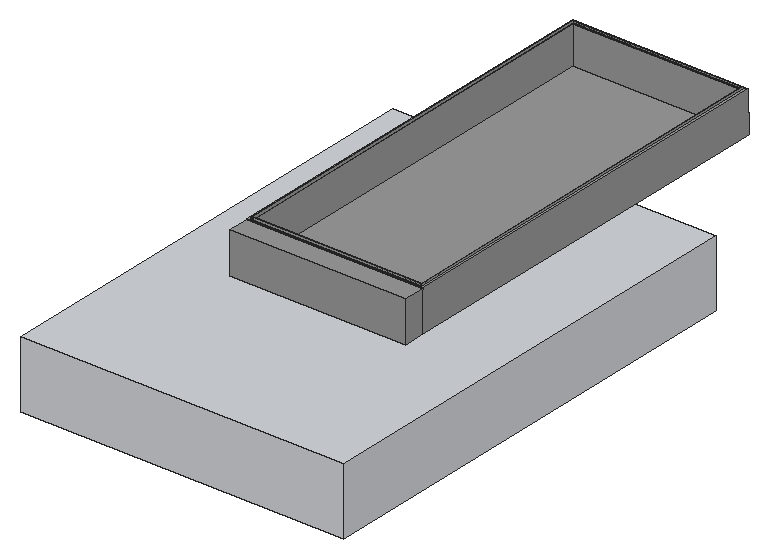
Revit family "Hager-Univers-IP30-D205-H1950-Cl.II-Encl-PL-pl", category Equipement électrique, Revit 2020
Family settings
  Hôte = Face
  Configuration du panneau = Deux colonnes, circuits au sein
  Cote de connecteur circulaire = Utiliser le diamètre
  Type d'élément = Tableau de raccordement
  Couper avec des vides une fois chargée = Non
  Partagée = Non
  Point de calcul de pièce = Non
Parameters (values of type "Montaż podłogowy IP30 S800 W1950 G205  - FP23S1N")
  Width Control [instance] = if([EF000008 - Szerokość] > Min Width, [EF000008 - Szerokość], Min Width)  # 800 mm
  Commentaires du type = [HG000003 - Zakres]  # "Univers"
  Thickness Door [instance] = if([EF009171 - Drzwi/pokrywa z materiału o wysokiej wytrzymałości mechanicznej] > 3 mm, 3 mm, [EF009171 - Drzwi/pokrywa z materiału o wysokiej wytrzymałości mechanicznej])  # 1 mm
  Seal Frame Offset [instance] = 17 mm  # constant formula
  Plinth Visibility [instance] = [HG000027 - Wysokość cokołu] > 0 mm  # yes
  Model = ""
  Min Width [instance] = 100 mm  # constant formula
  Min Height [instance] = 100 mm  # constant formula
  Min Depth [instance] = (2 * [EF009170 - Obudowa z materiału o wysokiej wytrzymałości mechanicznej]) + 1 mm  # 3 mm
  Internal Frame Depth [instance] = (Door System Depth * 0.5)  # 9 mm
  Height Control [instance] = if([EF000040 - Wysokość] > Min Height, [EF000040 - Wysokość], Min Height)  # 1950 mm
  HG000027 - Wysokość cokołu = 100 mm
  HG000026 - Stojąca = yes
  HG000024 - Wysokość części dolnej = 800 mm
  HG000023 - Obudowa dwusekcyjna = no
  HG000016 - Widoczność drzwi w widoku 3D [instance] = yes
  HG000015 - Przestrzeń robocza - otwarcie drzwi [instance] = no
  HG000014 - Drzwi prawe [instance] = yes
  HG000013 - Drzwi lewe [instance] = not([HG000014 - Drzwi prawe])  # no
  HG000012 - Kąt otwarcia drzwi [instance] = 30.00°
  HG000010 - Drzwi asymetryczne = no
  HG000009 - Drzwi dwuskrzydłowe = no
  HG000006 - Montaż podtynkowy = no
  HG000004 - Referencja producenta = "FP23S1N"
  HG000003 - Zakres = "Univers"
  HG000002 - Z drzwiami lub pokrywą = no
  Frame Offset Bottom [instance] = 10 mm  # constant formula
  Frame Offset [instance] = 15 mm  # constant formula
  EF015940 - Pokrywa z wyzwalaczem nadciśnieniowym = no
  EF011959 - Stopień ochrony (NEMA) = ""
  EF009554 - Liczba otworów pod flansze = 6
  Fabricant = "Hager"  # constant formula
  EF009212 - Wykonanie pokrywy = "EV009916 - Z otworem"
  EF009171 - Drzwi/pokrywa z materiału o wysokiej wytrzymałości mechanicznej = 1 mm
  EF009170 - Obudowa z materiału o wysokiej wytrzymałości mechanicznej = 1 mm
  EF008873 - Prąd znamionowy (In) = 400 A
  EF007800 - Do ochrony odgromowej = no
  EF006306 - Z zamkiem = no
  EF006244 - Transparentna pokrywa/drzwi = no
  EF005474 - Stopień ochrony (IP) = "EV006410 - IP30"
  EF004464 - Rodzaj drzwi = "EV000494 - Brak"
  EF004427 - Liczba modułów = 432
  EF004293 - Odporność udarowa = "EV006813 - IK07"
  EF003532 - Do zastosowań zewnętrznych = no
  EF002950 - Szerokość wyrażona liczbą modułów = 36
  EF001613 - Podtrzymanie funkcji = "EV000494 - Brak"
  EF001596 - Materiał obudowy = "EV000179 - Stal"
  EF001131 - Głębokość wewnętrzna = 130 mm
  EF001088 - Możliwość rozbudowy = yes
  EF000437 - Liczba wejść kablowych = 6
  EF000339 - Rodzaj pokrywy = "EV000494 - Brak"
  EF000266 - Liczba rzędów = 12
  EF000218 - Głębokość wbudowania = 0 mm
  EF000118 - Z płytą montażową = no
  EF000116 - Numer RAL = "9010"
  EF000049 - Głębokość = 205 mm
  EF000040 - Wysokość = 1950 mm
  EF000008 - Szerokość = 800 mm
  EF000007 - Kolor = "EV000202 - Biały"
  EF000003 - Sposób montażu = "EV012274 - Montaż podłogowy"
  Door System Leaf Tolerance [instance] = 1.5 mm  # constant formula
  Door System Depth [instance] = 18 mm  # constant formula
  Door Height [instance] = Height Control - [HG000027 - Wysokość cokołu]  # 1850 mm
  Depth Control [instance] = if([EF000049 - Głębokość] > Min Depth, [EF000049 - Głębokość], Min Depth)  # 205 mm
  Default Elevation = 0 mm
  Connector Offset [instance] = Height Control / 2  # 975 mm
  Bottom Top Plate Trim [instance] = 1.5 mm  # constant formula
  Plinth height Ctrl [instance] = if([HG000027 - Wysokość cokołu] > 0 mm, [HG000027 - Wysokość cokołu], 12 mm)  # 100 mm
Types (4, lengths in mm): name | Width Control | HG000004 - Referencja producenta | EF009554 - Liczba otworów pod flansze | EF008873 - Prąd znamionowy (In) | EF004427 - Liczba modułów | EF002950 - Szerokość wyrażona liczbą modułów | EF000437 - Liczba wejść kablowych | EF000008 - Szerokość
  Montaż podłogowy IP30 S1050 W1950 G205  - FP24S1N | 1050 | "FP24S1N" | 8 | 400 A | 576 | 48 | 8 | 1050
  Montaż podłogowy IP30 S300 W1950 G205  - FP21S1N | 300 | "FP21S1N" | 2 | 250 A | 144 | 12 | 2 | 300
  Montaż podłogowy IP30 S550 W1950 G205  - FP22S1N | 550 | "FP22S1N" | 4 | 400 A | 288 | 24 | 4 | 550
  Montaż podłogowy IP30 S800 W1950 G205  - FP23S1N | 800 | "FP23S1N" | 6 | 400 A | 432 | 36 | 6 | 800
Reference planes
  plane 1 "Center (Front/Back)": y = 0
  plane 2: z = 0
  plane 3 "Center (Left/Right)": x = 0
  plane 4: z = 205
  plane 5: y = 101
  plane 6: y = 1025
  plane 7: y = 100
  plane 8: y = 1950
  plane 9: z = 0
  plane 10: x = -385
  plane 11: x = 385
  plane 12: x = 384
  plane 13: x = -384
  plane 14: y = 1949
  plane 15: x = -383
  plane 16: x = -400
  plane 17: x = 383
  plane 18: x = 400
  plane 19: x = 399
  plane 20: x = -399
  plane 21: y = 111
  plane 22: y = 1950
  plane 23: y = 1934
  plane 24: z = 187
  plane 25: z = 1
  plane 26: z = 186
  plane 27: z = 204
Forms (mm)
  Extrusion 1, solid
    sketch origin (0, 0, 0) x (1, 0, 0) y (0, 1, 0)
      loop
        line (-702.964, 1305) -> (-702.964, -811.445) -> (766.763, -811.445) -> (766.763, 1305) -> (-702.964, 1305)
    from 0 to -304.8
  Extrusion 2, solid, material "Hager_Steel_RAL7035_Light_Grey", visible <- "Plinth Visibility", detail levels medium+fine
    sketch origin (0, 0, 0) x (1, 0, 0) y (0, 1, 0)
      loop
        line (-400, 0) -> (400, 0) -> (400, 100) -> (-400, 100) -> (-400, 0)
    from 0 to 187
  Extrusion 3, solid, material "Hager_Steel_RAL7035_Light_Grey", detail levels medium+fine
    sketch origin (0, 0, 0) x (1, 0, 0) y (0, 1, 0)
      loop
        line (-400, 100) -> (400, 100) -> (400, 1950) -> (-400, 1950) -> (-400, 100)
    from 0 to 187
  Extrusion 4, void
    sketch origin (0, 0, 0) x (1, 0, 0) y (0, 1, 0)
      loop
        line (-399, 101) -> (399, 101) -> (399, 1949) -> (-399, 1949) -> (-399, 101)
    from 1 to 186
  Extrusion 5, void
    sketch origin (-381.607, -4572, 187) x (0, -1, 0) y (-1, 0, 0)
      loop
        line (-4683, 2.393) -> (-6506, 2.393) -> (-6506, -765.607) -> (-4683, -765.607) -> (-4683, 2.393)
    from 0 to 1 <- "EF009170 - Obudowa z materiału o wysokiej wytrzymałości mechanicznej"
  Extrusion 6, solid, material "Hager_Steel_RAL7035_Light_Grey", detail levels fine
    sketch origin (0, 0, 187) x (1, 0, 0) y (0, 1, 0)
      loop
        line (-384, 1934) -> (-384, 111) -> (384, 111) -> (384, 1934) -> (-384, 1934)
      loop
        line (-385, 110) -> (385, 110) -> (385, 1935) -> (-385, 1935) -> (-385, 110)
    from 0 to 9 <- "Internal Frame Depth"
  Extrusion 7, solid, material "Hager_Steel_RAL7035_Light_Grey", detail levels coarse
    sketch origin (0, 0, 0) x (1, 0, 0) y (0, 1, 0)
      loop
        line (-400, 0) -> (400, 0) -> (400, 1950) -> (-400, 1950) -> (-400, 0)
    from 0 to 205
  Sweep 8, void
    path in 3D
      loop
        line (-400, 100, 0) -> (400, 100, 0) -> (400, 100, 187) -> (-400, 100, 187) -> (-400, 100, 0)
    profile origin (-400, 100, 93.5) x (-1, 0, 0) y (0, -1, 0)
      loop
        line (0, 0) -> (0, 1.5) -> (-1.5, 1.5)
        arc (-1.5, 1.5) -> (-1.061, 0.439) -> (0, 0) r 1.5
Cuts and joins
  Extrusion 4, Extrusion 5 cuts Extrusion 3
  Sweep 8 cuts Extrusion 2
Lines and regions (mm)
  Masking region 1
    outline origin (0, 0, 0) x (1, 0, 0) y (0, 0, 1)
      loop
        line (-400, 205) -> (-400, 0) -> (400, 0) -> (400, 205) -> (-400, 205)
  Masking region 2, detail levels medium+fine
    outline origin (0, 140, 0) x (0, 1, 0) y (0, 0, 1)
      loop
        line (-40, 0) -> (1810, 0) -> (1810, 187) -> (-40, 187) -> (-40, 0)
  Masking region 3, not visible, detail levels medium+fine
    outline origin (0, 297.922, 0) x (0, 1, 0) y (0, 0, 1)
      loop
        line (738.578, 0) -> (778.578, 0) -> (778.578, 194)
        arc (778.578, 194) -> (775.649, 201.071) -> (768.578, 204) r 10
        line (768.578, 204) -> (738.578, 204) -> (738.578, 0)
  Masking region 4, detail levels coarse
    outline origin (0, 0, 180) x (0, 1, 0) y (0, 0, 1)
      loop
        line (0, -180) -> (1950, -180) -> (1950, 25) -> (0, 25) -> (0, -180)
  Masking region 5, visible <- "Plinth Visibility", detail levels medium+fine
    outline origin (0, 52.24, 12.345) x (0, 0, -1) y (0, 1, 0)
      loop
        line (10.845, 47.76) -> (-173.155, 47.76)
        arc (-173.155, 47.76) -> (-173.594, 46.699) -> (-174.655, 46.26) r 1.5
        line (-174.655, 46.26) -> (-174.655, -52.24) -> (12.345, -52.24) -> (12.345, 46.26)
        arc (12.345, 46.26) -> (11.285, 46.699) -> (10.845, 47.76) r 1.5
  Masking region 6, detail levels medium+fine
    outline origin (-381.607, -4572, 187) x (-1, 0, 0) y (0, -1, 0)
      loop
        line (18.393, -6522) -> (18.393, -4672) -> (-781.607, -4672) -> (-781.607, -6522) -> (18.393, -6522)
  Masking region 7, visible <- "Plinth Visibility", detail levels medium+fine
    outline origin (-381.607, -4727, 187) x (-1, 0, 0) y (0, -1, 0)
      loop
        arc (16.893, -4827) -> (17.332, -4825.939) -> (18.393, -4825.5) r 1.5
        line (18.393, -4825.5) -> (18.393, -4727) -> (-781.607, -4727) -> (-781.607, -4825.5)
        arc (-781.607, -4825.5) -> (-780.546, -4825.939) -> (-780.107, -4827) r 1.5
        line (-780.107, -4827) -> (16.893, -4827)
  Masking region 8, detail levels coarse
    outline origin (-442.548, -4669.526, 187) x (-1, 0, 0) y (0, -1, 0)
      loop
        line (-42.548, -6619.526) -> (-42.548, -4669.526) -> (-842.548, -4669.526) -> (-842.548, -6619.526) -> (-42.548, -6619.526)
  sketch lines
    curve 1: line (-400, 100, 187) -> (-400, 100, 0)
    curve 2: line (400, 100, 187) -> (-400, 100, 187)
    curve 3: line (400, 100, 187) -> (400, 100, 0)
    curve 4: line (-400, 100, 0) -> (400, 100, 0)
Dimensions and locks
  "Depth Control": plane 4 to Extrusion 1
  "HG000027 - Wysokość cokołu": plane 1 "Center (Front/Back)" to plane 7
  "EF009170 - Obudowa z materiału o wysokiej wytrzymałości mechanicznej": plane 5 to plane 7
  locked: connector elem to plane 3 "Center (Left/Right)"
  equal spacing: plane 8, plane 6, plane 7
  locked: connector elem to plane 6
  "EF009170 - Obudowa z materiału o wysokiej wytrzymałości mechanicznej": plane 8 to plane 14
  "EF009170 - Obudowa z materiału o wysokiej wytrzymałości mechanicznej": plane 10 to plane 13
  "EF009170 - Obudowa z materiału o wysokiej wytrzymałości mechanicznej": plane 12 to plane 11
  "Frame Offset": plane 20 to plane 13
  "Frame Offset": plane 12 to plane 19
  "EF009170 - Obudowa z materiału o wysokiej wytrzymałości mechanicznej": plane 16 to plane 20
  "EF009170 - Obudowa z materiału o wysokiej wytrzymałości mechanicznej": plane 19 to plane 18
  "Seal Frame Offset": plane 16 to plane 15
  "Seal Frame Offset": plane 17 to plane 18
  "Frame Offset Bottom": plane 21 to plane 5
  "Frame Offset": plane 14 to plane 23
  equal spacing: plane 16, plane 3 "Center (Left/Right)", plane 18
  "Width Control": plane 16 to plane 18
  "EF009170 - Obudowa z materiału o wysokiej wytrzymałości mechanicznej": plane 4 to plane 27
  "EF009170 - Obudowa z materiału o wysokiej wytrzymałości mechanicznej": plane 24 to plane 26
  "EF009170 - Obudowa z materiału o wysokiej wytrzymałości mechanicznej": plane 25 to level
  "Door System Depth": plane 4 to plane 24
  "Height Control": plane 1 "Center (Front/Back)" to Extrusion 7 sketch curve
  "Height Control": Masking region 4 sketch curve to plane 1 "Center (Front/Back)"
  "Height Control": plane 1 "Center (Front/Back)" to plane 22
  "Bottom Top Plate Trim": profile plane to Sweep 8 sketch curve
  "Bottom Top Plate Trim": Sweep 8 sketch curve to profile plane
  "Plinth height Ctrl": plane 1 "Center (Front/Back)" to Extrusion 2 sketch curve
  "Plinth height Ctrl": Masking region 5 sketch curve to plane 1 "Center (Front/Back)"
  "Plinth height Ctrl": plane 1 "Center (Front/Back)" to Masking region 7 sketch curve
  "Thickness Door": Extrusion 6 sketch curve to Extrusion 6 sketch curve  (x3)
  "Thickness Door": cut or joined group of Extrusion 3, Extrusion 4, Extrusion 5 to Extrusion 6 sketch curve
  radius of Masking region 3 sketch curve = 10 mm
  "Bottom Top Plate Trim": radius of Masking region 5 sketch curve  (x2)
  "Bottom Top Plate Trim": radius of Sweep 8 sketch curve
  "Bottom Top Plate Trim": radius of Masking region 7 sketch curve  (x2)
  aligned and locked: plane 2 to Extrusion 1
  aligned and locked: level to Extrusion 1
  aligned and locked: level to Masking region 1 sketch curve
  aligned and locked: Masking region 1 sketch curve to plane 18
  aligned and locked: Masking region 1 sketch curve to plane 16
  aligned and locked: plane 7 to Masking region 2 sketch curve
  aligned and locked: level to Masking region 3 sketch curve
  aligned and locked: Masking region 3 sketch curve to plane 27
  aligned and locked: level to Masking region 2 sketch curve
  aligned and locked: plane 1 "Center (Front/Back)" to Extrusion 2 sketch curve
  aligned and locked: Extrusion 3 sketch curve to plane 7
  aligned and locked: plane 16 to Extrusion 3 sketch curve
  aligned and locked: plane 18 to Extrusion 3 sketch curve
  aligned and locked: plane 20 to Extrusion 4 sketch curve
  aligned and locked: plane 19 to Extrusion 4 sketch curve
  aligned and locked: Extrusion 4 sketch curve to plane 5
  aligned and locked: Extrusion 4 to plane 25
  aligned and locked: plane 26 to Extrusion 4
  aligned and locked: plane 24 to Extrusion 3
  aligned and locked: Extrusion 5 sketch curve to plane 21
  aligned and locked: Extrusion 5 sketch curve to plane 13
  aligned and locked: Extrusion 5 sketch curve to plane 12
  aligned and locked: plane 18 to Extrusion 7 sketch curve
  aligned and locked: plane 1 "Center (Front/Back)" to Extrusion 7 sketch curve
  aligned and locked: plane 16 to Extrusion 7 sketch curve
  aligned and locked: plane 4 to Extrusion 7
  aligned and locked: Extrusion 7 to level
  aligned and locked: level to Masking region 4 sketch curve
  aligned and locked: Masking region 4 sketch curve to plane 1 "Center (Front/Back)"
  aligned and locked: Masking region 4 sketch curve to plane 4
  aligned and locked: nested 1 to level
  aligned and locked: nested 1 to plane 16
  aligned and locked: plane 8 to Extrusion 3 sketch curve
  aligned and locked: plane 23 to Extrusion 5 sketch curve
  aligned and locked: plane 14 to Extrusion 4 sketch curve
  aligned and locked: Masking region 2 sketch curve to plane 8
  aligned and locked: level to Masking region 5 sketch curve
  aligned and locked: plane 16 to Extrusion 2 sketch curve
  aligned and locked: plane 18 to Extrusion 2 sketch curve
  aligned and locked: Masking region 5 sketch curve to plane 24
  aligned and locked: Masking region 2 sketch curve to plane 24
  aligned and locked: plane 24 to Extrusion 2
  aligned and locked: profile plane to Sweep 8 sketch curve  (x2)
  aligned and locked: Masking region 6 sketch curve to plane 18
  aligned and locked: Masking region 6 sketch curve to plane 22
  aligned and locked: Masking region 6 sketch curve to plane 16
  aligned and locked: plane 8 to plane 22
  aligned and locked: Masking region 6 sketch curve to plane 7
  aligned and locked: Masking region 7 sketch curve to plane 16
  aligned and locked: Masking region 7 sketch curve to plane 1 "Center (Front/Back)"
  aligned and locked: Masking region 7 sketch curve to plane 18
  aligned and locked: Masking region 8 sketch curve to plane 1 "Center (Front/Back)"
  aligned and locked: Masking region 8 sketch curve to plane 18
  aligned and locked: Masking region 8 sketch curve to plane 22
  aligned and locked: Masking region 8 sketch curve to plane 16
  aligned and locked: nested 2 to plane 7
  aligned and locked: plane 3 "Center (Left/Right)" to nested 2
  aligned and locked: nested 2 to plane 24
  aligned and locked: Extrusion 6 sketch curve to cut or joined group of Extrusion 3, Extrusion 4, Extrusion 5  (x4)
Automatic sketch dimensions
  Extrusion 1 sketch curve to Extrusion 1 sketch curve = 1469.727 mm
  Extrusion 1 sketch curve to Extrusion 1 sketch curve = 2116.445 mm
  Masking region 1 sketch curve to plane 4 = 0 mm
  plane 6 to Masking region 3 sketch curve = 11.5 mm
  Masking region 3 sketch curve to Masking region 3 sketch curve = 30 mm
  Masking region 5 sketch curve to plane 1 "Center (Front/Back)" = 0 mm
Nested families
  nested 1: "Hager_Enclosure_Symbol" at (-400, 0, 0) x (1, 0, 0) z (0, -1, 0), Height <- "Depth Control", Width <- "Width Control", type "Hager_Enclosure_Symbol"
    with Width_Ctrl 800 mm, Width 800 mm, Height_Ctrl 205 mm, Height 205 mm, A_Width_Int 13.453 mm, A_Width 161.438 mm, A_Height_Ctrl 179.375 mm, A_Height 179.375 mm
  nested 2: "EC000058_Univers_Door" at (0, 100, 187) x (1, 0, 0) z (0, 1, 0), Leaf_Tolerance <- "Door System Leaf Tolerance", Angle <- "HG000012 - Kąt otwarcia drzwi", Door_Depth <- "Door System Depth", Door_Left <- "HG000013 - Drzwi lewe", Transparent <- "EF006244 - Transparentna pokrywa/drzwi", Assymetrical <- "HG000010 - Drzwi asymetryczne", Width <- "Width Control", Clearance <- "HG000015 - Przestrzeń robocza - otwarcie drzwi", Double <- "HG000009 - Drzwi dwuskrzydłowe", 3d_Door <- "HG000016 - Widoczność drzwi w widoku 3D", Lock_Visibility <- "EF006306 - Z zamkiem", Width_Ctrl <- "Width Control", Door_Right <- "HG000014 - Drzwi prawe", Door <- "HG000002 - Z drzwiami lub pokrywą", Height <- "Door Height", Thickness <- "Thickness Door", type "EC000058_Univers_Door", detail levels medium+fine
    with min_wh 3 mm, Width_Ctrl 800 mm, Width 800 mm, Transparent no, Thickness 1 mm, Seal_Material Hager_Rubber, Lock_Visibility no, Lock_Material Hager_Plastic_RAL9005_Jet_Black, Leaf_Width 800 mm, Leaf_Tolerance_External_Sides 0 mm, Leaf_Tolerance 1.5 mm, Leaf_Offset 0 mm, Leaf_Height 1847 mm, Leaf_2_Width 800 mm, Leaf_2_Offset 400 mm, Leaf_1_Width 800 mm, Leaf_1_Offset 400 mm, Height_Ctrl 1850 mm, Height 1850 mm, Glass_Material Hager_Glass, Double_Clearance_Ctrl no, Double no, Door_Right_Ctrl no, Door_Right yes, Door_Material Hager_Steel_RAL7035_Light_Grey, Door_Left_Ctrl no, Door_Left no, Door_Depth 18 mm, Door no, Clearance_Material Hager_Clearance, Clearance_Depth 800 mm, Clearance_Ctrl no, Clearance no, Assymetrical no, Angle 30.00°, 3d_Door yes
Connectors
  electrical at (0, 1025, 0)
    settings: on plane 9, index 1, voltage 0 V, apparent load 0 VA, apparent load phase1 0 VA, apparent load phase2 0 VA, apparent load phase3 0 VA, power factor 1, load classification "Other", number of poles 1, system type 30, power factor state 1, is connector primary yes, connector utility no, sub classification motor no, connector description ""
Definition of nested family "Hager_Enclosure_Symbol"
  Parameters (values of type "Hager_Enclosure_Symbol")
    Width_Ctrl [instance] = if(Width > 1 mm, Width, 1 mm)  # 102.27 mm
    Width [instance] = 102.27 mm
    Height_Ctrl [instance] = if(Height > 1 mm, Height, 1 mm)  # 66.5 mm
    A_Width_Int [instance] = if(A_Width / 12 > 2 mm, A_Width / 12, 2 mm)  # 4.364 mm
    A_Width [instance] = if(A_Height_Ctrl * 0.9 > 2 mm, A_Height_Ctrl * 0.9, 2 mm)  # 52.369 mm
    A_Height_Ctrl [instance] = if(A_Height > 2 mm, A_Height, 2 mm)  # 58.188 mm
    Height [instance] = 66.5 mm
    A_Height [instance] = Height - (Height / 8)  # 58.188 mm
  Reference planes
    plane 1 "Centre (avant/arrière)": y = 0
    plane 2: z = 0
    plane 3 "Centre (gauche/droite)": x = 0
    plane 4: x = 52.369
    plane 5: y = 33.042
    plane 6: y = 41.77
    plane 7: y = 66.5
    plane 8: x = 26.184
    plane 9: y = 37.406
    plane 10: x = 102.27
    plane 11: y = 66.5
    plane 12: y = 8.313
  Lines and regions (mm)
    Filled region 1, type "Solid_Black", in view "Niveau de réf."
      outline origin (0, 0, 0) x (1, 0, 0) y (0, 1, 0)
        loop
          line (52.369, 66.5) -> (33.188, 54.536) -> (45.365, 45.006) -> (52.369, 66.5)
    Filled region 2, type "Solid_Black", in view "Niveau de réf."
      outline origin (0, 0, 0) x (1, 0, 0) y (0, 1, 0)
        loop
          line (0, 0) -> (102.27, 0) -> (102.27, 66.5) -> (0, 0)
    detail lines, in view "Niveau de réf."
      curve 1: line (0, 8.313, 0) -> (26.184, 41.77, 0)
      curve 2: line (26.184, 41.77, 0) -> (26.184, 33.042, 0)
      curve 3: line (26.184, 33.042, 0) -> (52.369, 66.5, 0)
  Dimensions and locks
    "A_Width": plane 3 "Centre (gauche/droite)" to plane 4
    equal spacing: plane 3 "Centre (gauche/droite)", plane 8, plane 4
    equal spacing: plane 6, plane 9, plane 5
    equal spacing: curve 3, Filled region 1 sketch curve, Filled region 1 sketch curve
    "Height_Ctrl": plane 1 "Centre (avant/arrière)" to plane 11
    "A_Height_Ctrl": plane 11 to plane 12
    equal spacing: plane 11, plane 9, plane 12
    "A_Width_Int": plane 6 to plane 9
    "Width_Ctrl": plane 3 "Centre (gauche/droite)" to plane 10
    angle Filled region 1 sketch curve to curve 3 = 20.00°
    angle curve 3 to Filled region 1 sketch curve = 20.00°
    locked: curve 3 to Filled region 1 sketch curve (angle 90.00°)
    aligned and locked: plane 10 to Filled region 2
    aligned and locked: plane 11 to Filled region 2 sketch curve
    aligned and locked: plane 10 to Filled region 2 sketch curve
    aligned and locked: plane 3 "Centre (gauche/droite)" to curve 1
    aligned and locked: plane 12 to curve 1
    aligned and locked: plane 7 to plane 11
  Automatic sketch dimensions
    Filled region 1 sketch curve to plane 4 = 0 mm
    Filled region 1 sketch curve to plane 7 = 0 mm
    plane 1 "Centre (avant/arrière)" to Filled region 2 sketch curve = 0 mm
    Filled region 2 sketch curve to plane 3 "Centre (gauche/droite)" = 0 mm
    curve 2 to plane 6 = 0 mm
    curve 2 to plane 8 = 0 mm
    curve 3 to plane 4 = 0 mm
    curve 2 to plane 5 = 0 mm
    curve 3 to plane 7 = 0 mm
Definition of nested family "EC000058_Univers_Door"
  Parameters (values of type "EC000058_Univers_Door")
    min_wh [instance] = (2 * Thickness) + 1 mm  # 11 mm
    Width_Ctrl [instance] = 400 mm
    Width [instance] = 500 mm
    Transparent [instance] = yes
    Thickness [instance] = 5 mm
    Seal_Material [instance] = none
    Lock_Visibility [instance] = yes
    Lock_Material [instance] = none
    Leaf_Width [instance] = if((Width_Ctrl - 2 * Leaf_Tolerance_External_Sides) > 0 mm, (Width_Ctrl - 2 * Leaf_Tolerance_External_Sides), min_wh)  # 400 mm
    Leaf_Tolerance_External_Sides [instance] = 0 mm  # constant formula
    Leaf_Tolerance [instance] = 1.5 mm
    Leaf_Offset [instance] = 0 mm  # constant formula
    Leaf_Height [instance] = if((Height_Ctrl - 2 * Leaf_Tolerance) > 0 mm, (Height_Ctrl - 2 * Leaf_Tolerance), min_wh)  # 497 mm
    Leaf_2_Width [instance] = if(and(and(Double, Assymetrical), Door_Left), (Leaf_Width / 3) - (Leaf_Tolerance / 2), if(and(and(Double, Assymetrical), Door_Right), (Leaf_Width / 3) * 2 - (Leaf_Tolerance / 2), if(and(Double, not(Assymetrical)), (Leaf_Width / 2) - Leaf_Tolerance, Leaf_Width)))  # 400 mm
    Leaf_2_Offset [instance] = if(and(Double, Assymetrical), Leaf_2_Width / 2, if(and(Double, not(Assymetrical)), Leaf_Width / 4, Leaf_Width / 2))  # 200 mm
    Leaf_1_Width [instance] = if(and(and(Double, Assymetrical), Door_Right), (Leaf_Width / 3) - (Leaf_Tolerance / 2), if(and(and(Double, Assymetrical), Door_Left), (Width / 3) * 2 - (Leaf_Tolerance / 2), if(and(Double, not(Assymetrical)), (Leaf_Width / 2) - Leaf_Tolerance, Leaf_Width)))  # 400 mm
    Leaf_1_Offset [instance] = if(and(Double, Assymetrical), Leaf_1_Width / 2, if(and(Double, not(Assymetrical)), Leaf_Width / 4, Leaf_Width / 2))  # 200 mm
    Height_Ctrl [instance] = if(Height > min_wh, Height, min_wh)  # 500 mm
    Height [instance] = 500 mm
    Glass_Material [instance] = none
    Double_Clearance_Ctrl [instance] = and(Double, Clearance)  # no
    Double [instance] = no
    Door_Right_Ctrl [instance] = and(or(Door_Right, Double), Door)  # yes
    Door_Right [instance] = yes
    Door_Material [instance] = none
    Door_Left_Ctrl [instance] = and(or(Door_Left, Double), Door)  # no
    Door_Left [instance] = no
    Door_Depth [instance] = 30 mm
    Door [instance] = yes
    Default Elevation = 1219.2 mm
    Clearance_Material [instance] = none
    Clearance_Depth [instance] = if(Leaf_1_Width > Leaf_2_Width, Leaf_1_Width, Leaf_2_Width)  # 400 mm
    Clearance_Ctrl [instance] = and(not(Double), Clearance)  # yes
    Clearance [instance] = yes
    Assymetrical [instance] = yes
    Angle [instance] = 30.00°
    3d_Door [instance] = yes
  Reference planes
    plane 1 "Center (Front/Back)": y = 0
    plane 2 "Bottom": z = 0
    plane 3 "Center (Left/Right)": x = 0
    plane 4: z = 500
    plane 5: x = -200
    plane 6: x = 200
    plane 7: z = 500
    plane 8: x = -200
    plane 9: z = 0
    plane 10: x = 200
    plane 11: y = 0
    plane 12: z = 1.5
    plane 13: x = -600
    plane 14: y = -400
    plane 15: x = 600
    plane 16: x = 0
    plane 17: x = 0
    plane 18: x = -200
    plane 19: x = 200
    plane 20: z = 498.5
  Forms (mm)
    Extrusion 1, solid, material <- "Clearance_Material", visible <- "Double_Clearance_Ctrl"
      sketch origin (1200, 0, 0) x (1, 0, 0) y (0, 0, -1)
        loop
          line (-1800, -498.5) -> (-600, -498.5) -> (-600, 0) -> (-1800, 0) -> (-1800, -498.5)
      from 0 to -400
  Dimensions and locks
    equal spacing: plane 5, plane 3 "Center (Left/Right)", plane 6
    "Width_Ctrl": plane 5 to plane 6
    "Leaf_Offset": plane 5 to plane 8
    "Leaf_Offset": plane 6 to plane 10
    "Leaf_Offset": plane 9 to level
    "Leaf_Offset": plane 4 to plane 7
    "Height_Ctrl": plane 4 to level
    "Leaf_Tolerance": plane 12 to plane 9
    locked: plane 11 to plane 1 "Center (Front/Back)"
    "Leaf_1_Offset": plane 18 to plane 16
    "Leaf_2_Offset": plane 17 to plane 19
    "Leaf_1_Width": plane 13 to plane 8
    "Leaf_2_Width": plane 10 to plane 15
    "Clearance_Depth": plane 14 to plane 1 "Center (Front/Back)"
    "Leaf_Tolerance_External_Sides": plane 8 to plane 18
    "Leaf_Tolerance_External_Sides": plane 19 to plane 10
    "Leaf_Tolerance": plane 7 to plane 20
    aligned and locked: level to plane 2 "Bottom"
    aligned and locked: nested 1 to plane 16
    aligned and locked: nested 2 to plane 17
    aligned and locked: Extrusion 1 to plane 13
    aligned and locked: plane 15 to Extrusion 1
    aligned and locked: Extrusion 1 to plane 14
    aligned and locked: plane 12 to nested 1
    aligned and locked: nested 2 to plane 12
    aligned and locked: Extrusion 1 to plane 11
    aligned and locked: plane 20 to Extrusion 1
    aligned and locked: nested 2 to plane 11
    aligned and locked: nested 1 to plane 11
  Automatic sketch dimensions
    Extrusion 1 sketch curve to level = 0 mm
    plane 5 to Extrusion 1 sketch curve = 400 mm
    plane 6 to Extrusion 1 sketch curve = 400 mm
    Extrusion 1 sketch curve to plane 4 = 1.5 mm
  Nested families
    nested 1: "EC000058_Univers_Door_Leaf" at (0, 0, 1.5), Width <- "Leaf_1_Width", visible <- "Door_Left_Ctrl", Leaf_Height <- "Leaf_Height", Angle <- "Angle", 3d_Door <- "3d_Door", Transparent <- "Transparent", Clearance Material <- "Clearance_Material", Clearance <- "Clearance_Ctrl", Door_Material <- "Door_Material", Glass_Material <- "Glass_Material", Door_Depth <- "Door_Depth", Lock_Material <- "Lock_Material", Seal_Material <- "Seal_Material", Lock_Visibility <- "Lock_Visibility", Thickness <- "Thickness", type "EC000058_Univers_Door_Leaf"
      with Width 400 mm, Transparent_Glass_Offset 30 mm, Transparent_Ctrl yes, Transparent yes, Thickness 5 mm, Standard no, Seal_Material none, Seal_D2 8 mm, Seal_D1 1 mm, Offset_Internal_Frame 10 mm, Lock_Width 20 mm, Lock_Visibility_3d yes, Lock_Visibility yes, Lock_Thickness_3 3 mm, Lock_Thickness_2 1 mm, Lock_Thickness_1 3 mm, Lock_Radius_Offset_2 16 mm, Lock_Radius_Offset_1 15 mm, Lock_Radius_2 5 mm, Lock_Radius 6 mm, Lock_Offset 5 mm, Lock_Material none, Lock_Height 80 mm, Lock_Cover_Top_Offset_2d 17 mm, Lock_Cover_Height -65 mm, Leaf_Height 497 mm, Internal_Seal_Thickness 8 mm, Internal_Seal_Depth_2 4.5 mm, Internal_Frame_Depth 25 mm, Glass_Thickness -1 mm, Glass_Offset -2 mm, Glass_Material none, Door_Material none, Door_Depth 30 mm, Clearance Material none, Clearance yes, Angle_Ctrl 30.00°, Angle 30.00°, 3d_Door yes
    nested 2: "EC000058_Univers_Door_Leaf" at (0, 0, 1.5) x (-1, 0, 0) z (0, 0, 1), Width <- "Leaf_2_Width", visible <- "Door_Right_Ctrl", Leaf_Height <- "Leaf_Height", Angle <- "Angle", 3d_Door <- "3d_Door", Transparent <- "Transparent", Clearance Material <- "Clearance_Material", Clearance <- "Clearance_Ctrl", Door_Material <- "Door_Material", Glass_Material <- "Glass_Material", Door_Depth <- "Door_Depth", Lock_Material <- "Lock_Material", Seal_Material <- "Seal_Material", Lock_Visibility <- "Lock_Visibility", Thickness <- "Thickness", type "EC000058_Univers_Door_Leaf"
      with Width 400 mm, Transparent_Glass_Offset 30 mm, Transparent_Ctrl yes, Transparent yes, Thickness 5 mm, Standard no, Seal_Material none, Seal_D2 8 mm, Seal_D1 1 mm, Offset_Internal_Frame 10 mm, Lock_Width 20 mm, Lock_Visibility_3d yes, Lock_Visibility yes, Lock_Thickness_3 3 mm, Lock_Thickness_2 1 mm, Lock_Thickness_1 3 mm, Lock_Radius_Offset_2 16 mm, Lock_Radius_Offset_1 15 mm, Lock_Radius_2 5 mm, Lock_Radius 6 mm, Lock_Offset 5 mm, Lock_Material none, Lock_Height 80 mm, Lock_Cover_Top_Offset_2d 17 mm, Lock_Cover_Height -65 mm, Leaf_Height 497 mm, Internal_Seal_Thickness 8 mm, Internal_Seal_Depth_2 4.5 mm, Internal_Frame_Depth 25 mm, Glass_Thickness -1 mm, Glass_Offset -2 mm, Glass_Material none, Door_Material none, Door_Depth 30 mm, Clearance Material none, Clearance yes, Angle_Ctrl 30.00°, Angle 30.00°, 3d_Door yes
  Definition of nested family "EC000058_Univers_Door_Leaf"
    Parameters (values of type "EC000058_Univers_Door_Leaf")
      Width [instance] = 2000 mm
      Transparent_Glass_Offset [instance] = 30 mm
      Transparent_Ctrl [instance] = and(Transparent, [3d_Door])  # yes
      Transparent [instance] = yes
      Thickness [instance] = 5 mm
      Standard [instance] = and(not(Transparent), [3d_Door])  # no
      Seal_Material [instance] = none
      Seal_D2 [instance] = 8 mm  # constant formula
      Seal_D1 [instance] = 1 mm  # constant formula
      Offset_Internal_Frame [instance] = 10 mm  # constant formula
      Lock_Width [instance] = 20 mm  # constant formula
      Lock_Visibility_3d [instance] = and(Lock_Visibility, [3d_Door])  # yes
      Lock_Visibility [instance] = yes
      Lock_Thickness_3 [instance] = 3 mm  # constant formula
      Lock_Thickness_2 [instance] = 1 mm  # constant formula
      Lock_Thickness_1 [instance] = 3 mm  # constant formula
      Lock_Radius_Offset_2 [instance] = Lock_Radius_Offset_1 + 1 mm  # 16 mm
      Lock_Radius_Offset_1 [instance] = 15 mm  # constant formula
      Lock_Radius_2 [instance] = Lock_Radius - 1 mm  # 5 mm
      Lock_Radius [instance] = 6 mm  # constant formula
      Lock_Offset [instance] = 5 mm  # constant formula
      Lock_Material [instance] = none
      Lock_Height [instance] = 80 mm  # constant formula
      Lock_Cover_Top_Offset_2d [instance] = Lock_Radius_Offset_2 + 1 mm  # 17 mm
      Lock_Cover_Height [instance] = -(Lock_Height - Lock_Radius_Offset_1)  # -65 mm
      Leaf_Height [instance] = 2720.336 mm
      Internal_Seal_Thickness [instance] = 8 mm  # constant formula
      Internal_Seal_Depth_2 [instance] = 4.5 mm  # constant formula
      Internal_Frame_Depth [instance] = if(Door_Depth - Thickness > 5 mm, Door_Depth - Thickness, 5 mm)  # 25 mm
      Glass_Thickness [instance] = if(Thickness > 15 mm, Glass_Offset + 10 mm, -1 mm)  # -1 mm
      Glass_Offset [instance] = if(Thickness > 15 mm, -(Thickness + 10 mm) / 2, -2 mm)  # -2 mm
      Glass_Material [instance] = none
      Door_Material [instance] = none
      Door_Depth [instance] = 30 mm
      Default Elevation = 0 mm
      Clearance Material [instance] = none
      Clearance [instance] = yes
      Angle_Ctrl [instance] = if(Angle > 180.00°, 180.00°, Angle)  # 90.00°
      Angle [instance] = 90.00°
      3d_Door [instance] = yes
    Reference planes
      plane 1 "Center (Front/Back)": y = 0
      plane 2: z = 0
      plane 3 "Center (Left/Right)": x = 0
      plane 4: y = 2000
      plane 5: x = -1000
      plane 6: x = 1000
      plane 7: x = -3000
      plane 8: z = 2720.336
      plane 9: z = 30
      plane 10: z = 2690.336
      plane 11: x = 970
      plane 12: x = -970
      plane 13: y = -3
      plane 14: z = 107.833
      plane 15: y = -5
      plane 16: y = -223.314
      plane 17: x = -1000
      plane 18: z = 1360.168
      plane 19: y = 30
    Forms (mm)
      Extrusion 1, solid, material <- "Clearance Material", visible <- "Clearance"
        sketch origin (0, 0, 0) x (1, 0, 0) y (0, 0, 1)
          loop
            line (-3000, 2720.336) -> (-3000, 0) -> (1000, 0) -> (1000, 2720.336) -> (-3000, 2720.336)
        from 0 to -2000
      Extrusion 2, solid, material <- "Door_Material", visible <- "Standard", detail levels medium+fine
        sketch origin (-1000, 0, 0) x (0, 1, 0) y (-1, 0, 0)
          loop
            line (0, 30) -> (0, 25) -> (2000, 25) -> (2000, 30) -> (0, 30)
        from 0 to 2720.336 <- "Leaf_Height"
      Extrusion 3, solid, material <- "Door_Material", visible <- "Transparent_Ctrl", detail levels medium+fine
        sketch origin (-1000, 0, 0) x (0, 1, 0) y (-1, 0, 0)
          loop
            line (0, 25) -> (2000, 25) -> (2000, 30) -> (0, 30) -> (0, 25)
        from 0 to 2720.336 <- "Leaf_Height"
      Extrusion 4, void
        sketch origin (-1025, 2000, 0) x (0, 1, 0) y (0, 0, -1)
          loop
            line (-30, -2690.336) -> (-30, -30) -> (-1970, -30) -> (-1970, -2690.336) -> (-30, -2690.336)
        from 0 to 5 <- "Thickness"
      Sweep 5, solid, material <- "Seal_Material", visible <- "Transparent_Ctrl", detail levels fine
        path in 3D
          loop
            line (-1025, 30, 30) -> (-1025, 30, 2690.336) -> (-1025, 1970, 2690.336) -> (-1025, 1970, 30) -> (-1025, 30, 30)
        profile origin (-1025, 1000, 30) x (1, 0, 0) y (0, 0, 1)
          loop
            line (0, 0) -> (0, -8) -> (1, -8) -> (1, 0) -> (0, 0)
      Extrusion 6, solid, material <- "Glass_Material", visible <- "Transparent_Ctrl", detail levels medium+fine
        sketch origin (-1030, 0, 0) x (0, 1, 0) y (0, 0, -1)
          loop
            line (1970, -2690.336) -> (1970, -30) -> (30, -30) -> (30, -2690.336) -> (1970, -2690.336)
        from -2 <- "Glass_Offset" to -1 <- "Glass_Thickness"
      Extrusion 7, solid, material <- "Door_Material", visible <- "3d_Door", detail levels medium+fine
        sketch origin (-1025, 2000, 0) x (0, -1, 0) y (0, 0, -1)
          loop
            line (0, -2720.336) -> (2000, -2720.336) -> (2000, 0) -> (0, 0) -> (0, -2720.336)
          loop
            line (1995, -5) -> (5, -5) -> (5, -2715.336) -> (1995, -2715.336) -> (1995, -5)
        from 0 to 25 <- "Internal_Frame_Depth"
      Sweep 8, solid, material <- "Seal_Material", visible <- "Transparent_Ctrl", detail levels fine
        path in 3D
          loop
            line (-1025, 0, 0) -> (-1025, 2000, 0) -> (-1025, 2000, 2720.336) -> (-1025, 0, 2720.336) -> (-1025, 0, 0)
        profile origin (-1025, 0, 1360.168) x (1, 0, 0) y (0, 1, 0)
          loop
            line (0, 10) -> (2.975, 10)
            arc (2.975, 10) -> (4.053, 10.447) -> (4.5, 11.525) r 1.525
            line (4.5, 11.525) -> (4.5, 16.527)
            arc (4.5, 16.527) -> (4.069, 17.569) -> (3.027, 18) r 1.473
            line (3.027, 18) -> (0, 18) -> (0, 10)
      Extrusion 9, solid, material <- "Lock_Material", visible <- "Lock_Visibility_3d", detail levels fine
        sketch origin (-1030, 0, 0) x (0, 1, 0) y (0, 0, -1)
          loop
            arc (1993.5, -1400.168) -> (1994.561, -1399.729) -> (1995, -1398.668) r 1.5
            line (1995, -1398.668) -> (1995, -1320.168) -> (1975, -1320.168) -> (1975, -1398.668)
            arc (1975, -1398.668) -> (1975.439, -1399.729) -> (1976.5, -1400.168) r 1.5
            line (1976.5, -1400.168) -> (1993.5, -1400.168)
        from 3 <- "Lock_Thickness_1" to 0
      Blend 10, solid, material <- "Lock_Material", visible <- "Lock_Visibility_3d", detail levels fine
        base sketch origin (-1033, 0, 0) x (0, 1, 0) y (0, 0, -1)
          loop
            line (1975, -1320.168) -> (1975, -1398.668)
            arc (1975, -1398.668) -> (1975.439, -1399.729) -> (1976.5, -1400.168) r 1.5
            line (1976.5, -1400.168) -> (1993.5, -1400.168)
            arc (1993.5, -1400.168) -> (1994.561, -1399.729) -> (1995, -1398.668) r 1.5
            line (1995, -1398.668) -> (1995, -1320.168) -> (1975, -1320.168)
        top sketch origin (-1033, 0, 0) x (0, 1, 0) y (0, 0, -1)
          loop
            line (1976, -1320.168) -> (1976, -1398.668)
            arc (1976, -1398.668) -> (1976.146, -1399.022) -> (1976.5, -1399.168) r 0.5
            line (1976.5, -1399.168) -> (1993.5, -1399.168)
            arc (1993.5, -1399.168) -> (1993.854, -1399.022) -> (1994, -1398.668) r 0.5
            line (1994, -1398.668) -> (1994, -1320.168) -> (1976, -1320.168)
        from 0 to 1 <- "Lock_Thickness_2"
      Blend 11, solid, material <- "Lock_Material", visible <- "Lock_Visibility_3d", detail levels fine
        base sketch origin (-1034, 0, 0) x (0, 1, 0) y (0, 0, -1)
          loop
            line (1978, -1320.168) -> (1978, -1384.168)
            arc (1978, -1384.168) -> (1985, -1391.168) -> (1992, -1384.168) r 7
            line (1992, -1384.168) -> (1992, -1320.168) -> (1978, -1320.168)
        top sketch origin (-1034, 0, 0) x (0, 1, 0) y (0, 0, -1)
          loop
            line (1991, -1320.168) -> (1979, -1320.168) -> (1979, -1383.168)
            arc (1979, -1383.168) -> (1985, -1389.168) -> (1991, -1383.168) r 6
            line (1991, -1383.168) -> (1991, -1320.168)
        from 0 to 3 <- "Lock_Thickness_3"
      Extrusion 12, solid, material <- "Lock_Material", visible <- "Lock_Visibility_3d", detail levels fine
        sketch origin (-1030, 1975, 1320.168) x (1, 0, 0) y (0, -1, 0)
          loop
            line (-7, -19) -> (-7, -1) -> (0, -1) -> (0, 0) -> (-8, 0) -> (-8, -20) -> (0, -20) -> (0, -19) -> (-7, -19)
        from 0 to -65 <- "Lock_Cover_Height"
      Extrusion 13, void
        sketch origin (-1038, 1995, 1320.168) x (-1, 0, 0) y (0, 0, -1)
          loop
            line (-5, -65) -> (0, -65) -> (-5, -60) -> (-5, -65)
        from 0 to 20 <- "Lock_Width"
      Extrusion 14, void
        sketch origin (-1038, 1975, 1320.168) x (0, -1, 0) y (0, 0, -1)
          loop
            circle (-10, -15.995) r 6
          loop
            circle (-10, -15.995) r 5
        from 0 to 2
      Extrusion 15, solid, material <- "Lock_Material", visible <- "Lock_Visibility_3d", detail levels medium
        sketch origin (-1030, 0, 0) x (0, 1, 0) y (0, 0, -1)
          loop
            arc (1993.5, -1400.168) -> (1994.561, -1399.729) -> (1995, -1398.668) r 1.5
            line (1995, -1398.668) -> (1995, -1320.168) -> (1975, -1320.168) -> (1975, -1398.668)
            arc (1975, -1398.668) -> (1975.439, -1399.729) -> (1976.5, -1400.168) r 1.5
            line (1976.5, -1400.168) -> (1993.5, -1400.168)
        from 8 to 0
    Cuts and joins
      Extrusion 4 cuts Extrusion 3
      Extrusion 13, Extrusion 14 cuts Extrusion 9
      Extrusion 14 cuts Blend 11
      Extrusion 13, Extrusion 14 cuts Extrusion 12
      joined: Extrusion 9, Blend 10, Blend 11, Extrusion 12
      Extrusion 14 cuts Extrusion 15
    Lines and regions (mm)
      Masking region 1, visible <- "Lock_Visibility", detail levels fine
        outline origin (0, 0, 0) x (0, 1, 0) y (0, 0, 1)
          loop
            line (30, 1320.168) -> (33, 1320.168) -> (33, 1400.168) -> (30, 1400.168) -> (30, 1320.168)
      Masking region 2, visible <- "Lock_Visibility", detail levels fine
        outline origin (0, 3.143, 0) x (0, 1, 0) y (0, 0, 1)
          loop
            line (29.857, 1354.168) -> (30.857, 1354.168) -> (30.857, 1366.168) -> (29.857, 1366.168) -> (29.857, 1354.168)
      Masking region 3, detail levels medium+fine
        outline origin (0, 0, 0) x (0, 1, 0) y (0, 0, 1)
          loop
            line (0, 0) -> (30, 0) -> (30, 2720.336) -> (0, 2720.336) -> (0, 0)
      Masking region 4, detail levels medium+fine
        outline origin (0, 0, 0) x (1, 0, 0) y (0, 0, 1)
          loop
            line (-1000, 2720.336) -> (-1000, 0) -> (1000, 0) -> (1000, 2720.336) -> (-1000, 2720.336)
      Masking region 5, visible <- "Lock_Visibility", detail levels fine
        outline origin (-47.116, 0, 0) x (1, 0, 0) y (0, 0, 1)
          loop
            arc (1024.616, 1399.168) -> (1023.556, 1398.729) -> (1023.116, 1397.668) r 1.5
            line (1023.116, 1397.668) -> (1023.116, 1320.168) -> (1041.116, 1320.168) -> (1041.116, 1397.668)
            arc (1041.116, 1397.668) -> (1040.677, 1398.729) -> (1039.616, 1399.168) r 1.5
            line (1039.616, 1399.168) -> (1024.616, 1399.168)
      Masking region 6, visible <- "Lock_Visibility", detail levels medium+fine
        outline origin (-25, 0, 0) x (1, 0, 0) y (0, 0, 1)
          loop
            arc (1001.5, 1400.168) -> (1000.439, 1399.729) -> (1000, 1398.668) r 1.5
            line (1000, 1398.668) -> (1000, 1320.168) -> (1020, 1320.168) -> (1020, 1398.668)
            arc (1020, 1398.668) -> (1019.561, 1399.729) -> (1018.5, 1400.168) r 1.5
            line (1018.5, 1400.168) -> (1001.5, 1400.168)
      Masking region 7, visible <- "Lock_Visibility", detail levels fine
        outline origin (-73.735, 0, 0) x (1, 0, 0) y (0, 0, 1)
          loop
            line (1051.735, 1382.168) -> (1065.735, 1382.168) -> (1065.735, 1384.168)
            arc (1065.735, 1384.168) -> (1058.735, 1391.168) -> (1051.735, 1384.168) r 7
            line (1051.735, 1384.168) -> (1051.735, 1382.168)
      Masking region 8, visible <- "Lock_Visibility", detail levels fine
        outline origin (-73.735, 0, 0) x (1, 0, 0) y (0, 0, 1)
          loop
            line (1052.735, 1382.168) -> (1064.735, 1382.168) -> (1064.735, 1383.168)
            arc (1064.735, 1383.168) -> (1058.735, 1389.168) -> (1052.735, 1383.168) r 6
            line (1052.735, 1383.168) -> (1052.735, 1382.168)
      Masking region 9, visible <- "Lock_Visibility", detail levels fine
        outline origin (-25, 0, 0) x (1, 0, 0) y (0, 0, 1)
          loop
            line (1020, 1320.168) -> (1020, 1382.168) -> (1000, 1382.168) -> (1000, 1320.168) -> (1020, 1320.168)
      Masking region 10, detail levels medium+fine
        outline origin (0, 0, 0) x (1, 0, 0) y (0, 0, 1)
          loop
            circle (985, 1335.144) r 6
      Masking region 11, detail levels fine
        outline origin (0, 0, 0) x (1, 0, 0) y (0, 0, 1)
          loop
            circle (985, 1335.144) r 5
      Masking region 12, visible <- "Lock_Visibility", detail levels fine
        outline origin (0, 12.767, 0) x (0, 1, 0) y (0, 0, 1)
          loop
            line (20.233, 1320.168) -> (21.233, 1320.168) -> (21.233, 1399.168) -> (20.233, 1400.168) -> (20.233, 1320.168)
      Masking region 13, visible <- "Lock_Visibility", detail levels fine
        outline origin (0, 13.767, -10) x (0, 1, 0) y (0, 0, 1)
          loop
            line (20.233, 1330.168) -> (23.233, 1330.168) -> (23.233, 1399.168) -> (20.233, 1402.168) -> (20.233, 1330.168)
      Masking region 14, visible <- "Lock_Visibility", detail levels fine
        outline origin (0, 12.767, -10) x (0, 1, 0) y (0, 0, 1)
          loop
            line (20.233, 1330.168) -> (25.233, 1330.168) -> (25.233, 1399.305) -> (20.233, 1394.305) -> (20.233, 1330.168)
      Masking region 15, visible <- "Lock_Visibility", detail levels medium
        outline origin (0, 0, 0) x (0, 1, 0) y (0, 0, 1)
          loop
            line (30, 1320.168) -> (38, 1320.168) -> (38, 1400.168) -> (30, 1400.168) -> (30, 1320.168)
      Masking region 16, visible <- "Lock_Visibility", detail levels fine
        outline origin (-1000, 0, 0) x (0, 1, 0) y (-1, 0, 0)
          loop
            line (1975, 30) -> (1995, 30) -> (1995, 38) -> (1975, 38) -> (1975, 30)
          loop
            line (1979, 37) -> (1976, 37) -> (1976, 34) -> (1978, 34) -> (1979, 37)
          loop
            line (1994, 37) -> (1991, 37) -> (1992, 34) -> (1994, 34) -> (1994, 37)
      Masking region 17, visible <- "Lock_Visibility", detail levels medium
        outline origin (-1000, 0, 0) x (0, 1, 0) y (-1, 0, 0)
          loop
            line (1975, 30) -> (1995, 30) -> (1995, 38) -> (1975, 38) -> (1975, 30)
      symbolic lines
        curve 1: line (1000, 0, 0) -> (-3000, 0, 0)
        curve 2: arc (1000, 0, 0) -> (-1000, 2000, 0) -> (-3000, 0, 0) r 2000
        curve 4: line (-1030, 0, 0) -> (-1030, 2000, 0)
      reference lines
        curve 3: line (-1000, 0, 0) -> (-1000, 2000, 0)
      symbolic lines, detail levels medium+fine
        curve 5: line (-1030, 2000, 0) -> (-1025, 2000, 0)
        curve 7: line (-1025, 0, 0) -> (-1030, 0, 0)
        curve 8: line (-1025, 0, 0) -> (-1000, 0, 0)
        curve 9: line (-1000, 0, 0) -> (-1000, 2000, 0)
        curve 10: line (-1000, 2000, 0) -> (-1025, 2000, 0)
      symbolic lines, detail levels fine
        curve 6: line (-1025, 2000, 0) -> (-1025, 0, 0)
      sketch lines
        curve 11: line (-1025, 0, 2720.336) -> (-1025, 0, 0)
        curve 12: line (-1025, 2000, 0) -> (-1025, 0, 0)
        curve 13: line (-1025, 2000, 2720.336) -> (-1025, 2000, 0)
        curve 14: line (-1025, 0, 2720.336) -> (-1025, 2000, 2720.336)
        curve 15: line (-1025, 1970, 30) -> (-1025, 30, 30)
        curve 16: line (-1025, 30, 30) -> (-1025, 30, 2690.336)
        curve 17: line (-1025, 1970, 2690.336) -> (-1025, 1970, 30)
        curve 18: line (-1025, 30, 2690.336) -> (-1025, 1970, 2690.336)
      symbolic lines, visible <- "Transparent", detail levels medium+fine
        curve 19: line (-970, 0, 2690.336) -> (970, 0, 2690.336)
        curve 20: line (-970, 0, 30) -> (-970, 0, 2690.336)
        curve 21: line (970, 0, 30) -> (-970, 0, 30)
        curve 22: line (970, 0, 2690.336) -> (970, 0, 30)
    Dimensions and locks
      "Width": plane 1 "Center (Front/Back)" to plane 4
      equal spacing: plane 5, plane 3 "Center (Left/Right)", plane 6
      "Width": plane 5 to plane 6
      "Width": plane 7 to plane 5
      "Leaf_Height": plane 8 to level
      "Width": curve 5 to curve 3
      "Width": curve 3 to curve 3
      plane 8 to plane 10 = 30 mm
      plane 9 to level = 30 mm
      plane 12 to plane 5 = 30 mm
      plane 6 to plane 11 = 30 mm
      Extrusion 1 to Extrusion 4 sketch curve = 30 mm
      "Transparent_Glass_Offset": curve 3 to Extrusion 4 sketch curve
      "Transparent_Glass_Offset": Extrusion 4 sketch curve to cut or joined group of Extrusion 3, Extrusion 4  (x2)
      cut or joined group of Extrusion 3, Extrusion 4 to Extrusion 6 sketch curve = 30 mm
      "Transparent_Glass_Offset": cut or joined group of Extrusion 3, Extrusion 4 to Extrusion 4 sketch curve
      "Thickness": curve 6 to curve 4
      "Thickness": Extrusion 7 sketch curve to Extrusion 7 sketch curve  (x4)
      "Door_Depth": curve 4 to curve 3
      "Offset_Internal_Frame": profile plane to Sweep 8 sketch curve
      "Internal_Seal_Thickness": Sweep 8 sketch curve to Sweep 8 sketch curve
      "Internal_Seal_Depth_2": profile plane to Sweep 8 sketch curve
      "Seal_D1": profile plane to Sweep 5 sketch curve
      "Seal_D2": profile plane to Sweep 5 sketch curve
      "Thickness": Extrusion 2 sketch curve to Extrusion 2 sketch curve
      equal spacing: Extrusion 9 sketch curve, plane 18, Extrusion 9 sketch curve  (x2)
      equal spacing: Masking region 1 sketch curve, plane 18, Masking region 1 sketch curve
      "Lock_Height": Masking region 1 sketch curve to Masking region 1 sketch curve
      "Lock_Radius": Masking region 2 sketch curve to plane 18 to Masking region 2 sketch curve
      Masking region 2 sketch curve to Masking region 1 = 1 mm
      "Door_Depth": plane 19 to plane 1 "Center (Front/Back)"
      "Lock_Thickness_1": Masking region 1 sketch curve to plane 19
      "Lock_Width": Extrusion 9 sketch curve to Extrusion 9 sketch curve
      "Lock_Height": Extrusion 9 sketch curve to Extrusion 9 sketch curve
      "Lock_Offset": cut or joined group of Extrusion 3, Extrusion 4 to Extrusion 9 sketch curve
      equal spacing: plane 8, plane 18, level
      "Lock_Radius_Offset_1": Blend 11 sketch curve to Blend 10
      locked: Blend 10 to Blend 11 sketch curve at 2  (x2)
      locked: var sketch to Blend 11 sketch curve at 1  (x2)
      "Lock_Radius_Offset_2": Blend 11 sketch curve to Blend 10
      locked: Extrusion 12 sketch curve to Extrusion 12 sketch curve at 1  (x3)
      Masking region 6 sketch curve to Masking region 6 sketch curve = 80 mm
      "Lock_Height": Masking region 6 sketch curve to Masking region 6 sketch curve
      "Lock_Width": Masking region 6 sketch curve to Masking region 6 sketch curve
      locked: Masking region 6 to Masking region 5 sketch curve at 1  (x3)
      locked: Masking region 5 to Masking region 7 sketch curve at 2  (x2)
      "Lock_Radius_Offset_1": Masking region 5 to Masking region 7 sketch curve
      "Lock_Radius_Offset_2": Masking region 5 to Masking region 8 sketch curve
      locked: Masking region 7 to Masking region 8 sketch curve at 1  (x2)
      "Lock_Cover_Top_Offset_2d": Masking region 5 to Masking region 9 sketch curve
      equal spacing: Masking region 9, Masking region 10 sketch curve, Masking region 9
      equal spacing: Masking region 9, Masking region 11 sketch curve, Masking region 9
      Extrusion 15 sketch curve to Extrusion 15 sketch curve = 80 mm
      "Lock_Width": Extrusion 15 sketch curve to Extrusion 15 sketch curve
      "Lock_Height": Extrusion 15 sketch curve to Extrusion 15 sketch curve
      equal spacing: Extrusion 15 sketch curve, plane 18, Extrusion 15 sketch curve
      "Lock_Thickness_3": Masking region 13 sketch curve to Masking region 13 sketch curve
      "Lock_Height": Masking region 12 sketch curve to Masking region 12 sketch curve
      locked: Masking region 13 sketch curve to Masking region 1 at 8
      locked: Masking region 14 sketch curve to Masking region 13 at 1
      locked: Masking region 14 sketch curve to Masking region 1 at 10.863
      "Lock_Height": Masking region 15 sketch curve to Masking region 15 sketch curve
      "Lock_Offset": Extrusion 15 sketch curve to cut or joined group of Extrusion 3, Extrusion 4
      "Lock_Offset": plane 6 to Masking region 6 sketch curve
      radius of Sweep 8 sketch curve = 1.525 mm
      radius of Sweep 8 sketch curve = 1.473 mm
      radius of Extrusion 9 sketch curve = 1.5 mm  (x2)
      "Lock_Radius": radius of Extrusion 14 sketch curve
      "Lock_Radius_2": radius of Extrusion 14 sketch curve
      "Lock_Radius": radius of Masking region 10 sketch curve
      "Lock_Radius_2": radius of Masking region 11 sketch curve
      radius of Extrusion 15 sketch curve = 1.5 mm  (x2)
      "Angle_Ctrl": angle plane 1 "Center (Front/Back)" to curve 3
      locked: Masking region 12 sketch curve to Masking region 12 sketch curve (angle 45.00°)
      locked: Masking region 13 sketch curve to Masking region 13 sketch curve (angle 45.00°)
      locked: Masking region 14 sketch curve to Masking region 14 sketch curve (angle 45.00°)
      aligned and locked: level to plane 2
      aligned and locked: Extrusion 1 to curve 1
      aligned and locked: plane 6 to Extrusion 1
      aligned and locked: Extrusion 1 to plane 1 "Center (Front/Back)"
      aligned and locked: plane 4 to Extrusion 1
      aligned and locked: plane 8 to Extrusion 1
      aligned and locked: curve 7 to Extrusion 2 sketch curve
      aligned and locked: curve 5 to Extrusion 2 sketch curve
      aligned and locked: curve 7 to Extrusion 3 sketch curve
      aligned and locked: Extrusion 3 sketch curve to curve 4
      aligned and locked: Extrusion 3 sketch curve to curve 6
      aligned and locked: Extrusion 3 sketch curve to curve 5
      aligned and locked: curve 9 to curve 3
      aligned and locked: Extrusion 7 sketch curve to cut or joined group of Extrusion 3, Extrusion 4  (x4)
      aligned and locked: plane 17 to curve 3
      aligned and locked: plane 1 "Center (Front/Back)" to curve 3
      aligned and locked: plane 17 to plane 5
      aligned and locked: Sweep 8 sketch curve to profile plane
      aligned and locked: Sweep 5 sketch curve to profile plane  (x2)
      aligned and locked: Masking region 1 to Masking region 2 sketch curve
      aligned and locked: plane 19 to Masking region 1 sketch curve
      aligned and locked: plane 1 "Center (Front/Back)" to Masking region 3 sketch curve
      aligned and locked: plane 19 to Masking region 3 sketch curve
      aligned and locked: level to Masking region 3 sketch curve
      aligned and locked: Masking region 3 sketch curve to plane 8
      aligned and locked: plane 17 to Masking region 4 sketch curve
      aligned and locked: level to Masking region 4 sketch curve
      aligned and locked: Masking region 4 sketch curve to plane 8
      aligned and locked: plane 12 to curve 20
      aligned and locked: plane 10 to curve 19
      aligned and locked: plane 11 to curve 22
      aligned and locked: curve 21 to plane 9
      aligned and locked: Extrusion 2 sketch curve to cut or joined group of Extrusion 3, Extrusion 4
      aligned and locked: Blend 10 sketch curve to Extrusion 9  (x4)
      aligned and locked: Extrusion 9 to Blend 10 sketch curve
      aligned and locked: Blend 10 to Blend 11 sketch curve
      aligned and locked: Extrusion 12 sketch curve to Blend 11
      aligned and locked: Extrusion 12 sketch curve to Extrusion 9  (x4)
      aligned and locked: Masking region 5 sketch curve to Masking region 6
      aligned and locked: Masking region 9 sketch curve to Masking region 6  (x3)
      aligned and locked: Masking region 12 sketch curve to Masking region 1
      aligned and locked: Masking region 13 sketch curve to Masking region 1
      aligned and locked: Masking region 12 to Masking region 14
      aligned and locked: Masking region 14 sketch curve to Masking region 1
      aligned and locked: Masking region 15 sketch curve to Masking region 14
      aligned and locked: Masking region 13 sketch curve to Masking region 12
      aligned and locked: Masking region 16 sketch curve to cut or joined group of Extrusion 14, Extrusion 15  (x4)
      aligned and locked: Masking region 16 sketch curve to cut or joined group of Extrusion 9, Blend 10, Blend 11, Extrusion 12, Extrusion 13, Extrusion 14  (x6)
      aligned and locked: cut or joined group of Extrusion 9, Blend 10, Blend 11, Extrusion 12, Extrusion 13, Extrusion 14 to Masking region 16 sketch curve
      aligned and locked: Masking region 17 sketch curve to cut or joined group of Extrusion 14, Extrusion 15  (x3)
      aligned and locked: Masking region 17 sketch curve to cut or joined group of Extrusion 9, Blend 10, Blend 11, Extrusion 12, Extrusion 13, Extrusion 14
      aligned and locked: Masking region 9 to Masking region 8 sketch curve
      aligned and locked: Masking region 9 to Masking region 7 sketch curve
    Automatic sketch dimensions
      plane 1 "Center (Front/Back)" to curve 2 = 0 mm
      curve 2 to plane 5 = 0 mm
      Extrusion 1 sketch curve to level = 0 mm
      Extrusion 1 sketch curve to plane 7 = 0 mm
      Extrusion 1 sketch curve to plane 6 = 0 mm
      Extrusion 1 sketch curve to plane 8 = 0 mm
      Extrusion 3 to Extrusion 6 sketch curve = 30 mm  (x4)
      Masking region 4 sketch curve to plane 6 = 0 mm
      Blend 10 sketch curve to Extrusion 9 = 1.5 mm
      Blend 10 sketch curve to Extrusion 9 = 1 mm
      Extrusion 13 sketch curve to Extrusion 12 = 0 mm  (x2)
      Extrusion 12 to Extrusion 13 sketch curve = 3 mm
      Extrusion 13 sketch curve to Extrusion 12 = 5 mm
      Extrusion 14 sketch curve to Extrusion 14 sketch curve = 0 mm  (x2)
      Extrusion 14 sketch curve to Extrusion 12 = 10 mm
      Extrusion 14 sketch curve to Extrusion 12 = 15.995 mm
      Masking region 5 sketch curve to Masking region 5 sketch curve = 1.5 mm  (x2)
      Masking region 10 sketch curve to plane 18 = 25.024 mm
      Masking region 11 sketch curve to plane 18 = 25.024 mm
      plane 19 to Masking region 14 sketch curve = 3 mm
      Masking region 16 sketch curve to Masking region 16 sketch curve = 3 mm
      curve 4 to curve 3 = 0 mm
      Blend 10 to Blend 11 sketch curve = 0 mm
      Masking region 6 sketch curve to Masking region 6 sketch curve = 1.5 mm  (x2)
      Masking region 6 sketch curve to plane 18 = 40 mm
      plane 19 to Masking region 12 sketch curve = 3 mm
      Masking region 12 sketch curve to Masking region 12 sketch curve = 1 mm
      Masking region 15 sketch curve to plane 19 = 0 mm
      Masking region 15 sketch curve to plane 18 = 40 mm
      radius of Blend 10 sketch curve to Extrusion 9 = 1 mm
